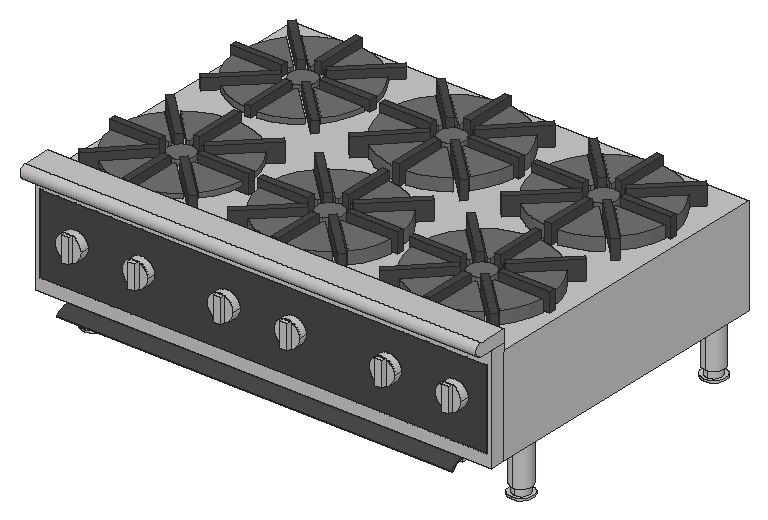
Revit family "QF_Vollrath_40738", category Specialty Equipment, Revit 2016 (continued)
Lines and regions (in)
  symbolic lines
    curve 231: line (5.28598, -16.9486, 36) -> (5.28598, -12.9486, 36)
    curve 232: line (5.28598, -12.9486, 36) -> (4.78598, -12.9486, 36)
    curve 233: line (5.53598, -13.2611, 36) -> (5.53598, -17.0344, 36)
    curve 234: line (5.68242, -17.09506, 36) -> (8.35054, -14.42693, 36)
    curve 235: line (9.35937, -13.77165, 36) -> (5.85919, -17.27183, 36)
    curve 236: arc (5.53598, -17.0344, 36) -> (5.61, -17.06279, 36) -> (5.68242, -17.09506, 36) r 1.49999
    curve 237: line (5.85919, -17.27183, 36) -> (6.21275, -17.62539, 36)
    curve 238: line (6.21275, -17.62539, 36) -> (9.71293, -14.12521, 36)
    curve 239: line (9.71293, -14.12521, 36) -> (9.35937, -13.77165, 36)
    curve 240: line (9.05765, -15.13404, 36) -> (6.38952, -17.80216, 36)
    curve 241: line (6.45018, -17.9486, 36) -> (10.22348, -17.9486, 36)
    curve 242: line (10.53598, -18.1986, 36) -> (6.53598, -18.1986, 36)
    curve 243: line (10.53598, -18.6986, 36) -> (10.53598, -18.1986, 36)
    curve 244: line (6.53598, -18.6986, 36) -> (10.53598, -18.6986, 36)
    curve 245: line (6.53598, -18.1986, 36) -> (6.53598, -18.6986, 36)
    curve 246: arc (6.38952, -17.80216, 36) -> (6.42179, -17.87458, 36) -> (6.45018, -17.9486, 36) r 1.49999
    curve 247: line (10.22348, -18.9486, 36) -> (6.45018, -18.9486, 36)
    curve 248: line (6.38952, -19.09504, 36) -> (9.05765, -21.76316, 36)
    curve 249: line (4.53598, -23.6361, 36) -> (4.53598, -19.8628, 36)
    curve 250: line (4.38954, -19.80214, 36) -> (1.72142, -22.47027, 36)
    curve 251: line (4.21277, -19.62537, 36) -> (3.85921, -19.27181, 36)
    curve 252: arc (4.53598, -19.8628, 36) -> (4.46196, -19.83441, 36) -> (4.38954, -19.80214, 36) r 1.49999
    curve 253: line (5.28598, -19.9486, 36) -> (4.78598, -19.9486, 36)
    curve 254: line (4.78598, -19.9486, 36) -> (4.78598, -23.9486, 36)
    curve 255: line (5.28598, -23.9486, 36) -> (5.28598, -19.9486, 36)
    curve 256: line (5.53598, -19.8628, 36) -> (5.53598, -23.6361, 36)
    curve 257: line (8.35054, -22.47027, 36) -> (5.68242, -19.80214, 36)
    curve 258: arc (5.68242, -19.80214, 36) -> (5.61, -19.83441, 36) -> (5.53598, -19.8628, 36) r 1.49999
    curve 259: line (6.21275, -19.27181, 36) -> (5.85919, -19.62537, 36)
    curve 260: line (5.85919, -19.62537, 36) -> (9.35937, -23.12555, 36)
    curve 261: line (9.71293, -22.77199, 36) -> (6.21275, -19.27181, 36)
    curve 262: line (9.35937, -23.12555, 36) -> (9.71293, -22.77199, 36)
    curve 263: line (4.78598, -23.9486, 36) -> (5.28598, -23.9486, 36)
    curve 264: line (0.35904, -22.77199, 36) -> (0.71259, -23.12555, 36)
    curve 265: arc (6.45018, -18.9486, 36) -> (6.42179, -19.02262, 36) -> (6.38952, -19.09504, 36) r 1.49999
    curve 266: arc (3.68244, -19.09504, 36) -> (3.65017, -19.02262, 36) -> (3.62178, -18.9486, 36) r 1.49999
    curve 267: arc (-7.46402, -13.2611, 36) -> (-8.95839, -13.63376, 36) -> (-10.27858, -14.42693, 36) r 5.21154
    curve 268: arc (-3.64946, -14.42693, 36) -> (-4.96965, -13.63376, 36) -> (-6.46402, -13.2611, 36) r 5.21154
    curve 269: arc (-1.77652, -17.9486, 36) -> (-2.14918, -16.45423, 36) -> (-2.94235, -15.13404, 36) r 5.21154
    curve 270: arc (-2.94235, -21.76316, 36) -> (-2.14918, -20.44297, 36) -> (-1.77652, -18.9486, 36) r 5.21154
    curve 271: arc (-6.46402, -23.6361, 36) -> (-4.96965, -23.26344, 36) -> (-3.64946, -22.47027, 36) r 5.21154
    curve 272: arc (-10.27858, -22.47027, 36) -> (-8.95839, -23.26344, 36) -> (-7.46402, -23.6361, 36) r 5.21154
    curve 273: arc (-12.15152, -18.9486, 36) -> (-11.77885, -20.44297, 36) -> (-10.98569, -21.76316, 36) r 5.21154
    curve 274: arc (-10.98569, -15.13404, 36) -> (-11.77885, -16.45423, 36) -> (-12.15152, -17.9486, 36) r 5.21154
    curve 275: line (-11.64096, -14.12521, 36) -> (-8.14079, -17.62539, 36)
    curve 276: line (-7.78723, -17.27183, 36) -> (-11.28741, -13.77165, 36)
    curve 277: line (-7.46402, -17.0344, 36) -> (-7.46402, -13.2611, 36)
    curve 278: line (-10.27858, -14.42693, 36) -> (-7.61046, -17.09506, 36)
    curve 279: line (-12.15152, -17.9486, 36) -> (-8.37822, -17.9486, 36)
    curve 280: line (-8.31756, -17.80216, 36) -> (-10.98569, -15.13404, 36)
    curve 281: line (-8.37822, -18.9486, 36) -> (-12.15152, -18.9486, 36)
    curve 282: line (-8.46402, -18.1986, 36) -> (-12.46402, -18.1986, 36)
    curve 283: line (-12.46402, -18.6986, 36) -> (-8.46402, -18.6986, 36)
    curve 284: arc (-6.96402, -17.4486, 36) -> (-7.96402, -18.4486, 36) -> (-6.96402, -19.4486, 36) r 1
    curve 285: arc (-6.96402, -19.4486, 36) -> (-5.96402, -18.4486, 36) -> (-6.96402, -17.4486, 36) r 1
    curve 286: line (-8.14079, -19.27181, 36) -> (-11.64096, -22.77199, 36)
    curve 287: line (-11.28741, -23.12555, 36) -> (-7.78723, -19.62537, 36)
    curve 288: line (-10.98569, -21.76316, 36) -> (-8.31756, -19.09504, 36)
    curve 289: line (-8.46402, -18.6986, 36) -> (-8.46402, -18.1986, 36)
    curve 290: line (-12.46402, -18.1986, 36) -> (-12.46402, -18.6986, 36)
    curve 291: arc (-8.37822, -17.9486, 36) -> (-8.34983, -17.87458, 36) -> (-8.31756, -17.80216, 36) r 1.49999
    curve 292: line (-8.14079, -17.62539, 36) -> (-7.78723, -17.27183, 36)
    curve 293: arc (-7.61046, -17.09506, 36) -> (-7.53804, -17.06279, 36) -> (-7.46402, -17.0344, 36) r 1.49999
    curve 294: line (-7.21402, -16.9486, 36) -> (-6.71402, -16.9486, 36)
    curve 295: line (-7.21402, -12.9486, 36) -> (-7.21402, -16.9486, 36)
    curve 296: line (-6.71402, -16.9486, 36) -> (-6.71402, -12.9486, 36)
    curve 297: line (-6.71402, -12.9486, 36) -> (-7.21402, -12.9486, 36)
    curve 298: line (-6.46402, -13.2611, 36) -> (-6.46402, -17.0344, 36)
    curve 299: line (-6.31758, -17.09506, 36) -> (-3.64946, -14.42693, 36)
    curve 300: line (-2.64063, -13.77165, 36) -> (-6.14081, -17.27183, 36)
    curve 301: arc (-6.46402, -17.0344, 36) -> (-6.39, -17.06279, 36) -> (-6.31758, -17.09506, 36) r 1.49999
    curve 302: line (-6.14081, -17.27183, 36) -> (-5.78725, -17.62539, 36)
    curve 303: line (-5.78725, -17.62539, 36) -> (-2.28707, -14.12521, 36)
    curve 304: line (-2.28707, -14.12521, 36) -> (-2.64063, -13.77165, 36)
    curve 305: line (-2.94235, -15.13404, 36) -> (-5.61048, -17.80216, 36)
    curve 306: line (-5.54982, -17.9486, 36) -> (-1.77652, -17.9486, 36)
    curve 307: line (-1.46402, -18.1986, 36) -> (-5.46402, -18.1986, 36)
    curve 308: line (-1.46402, -18.6986, 36) -> (-1.46402, -18.1986, 36)
    curve 309: line (-5.46402, -18.6986, 36) -> (-1.46402, -18.6986, 36)
    curve 310: line (-5.46402, -18.1986, 36) -> (-5.46402, -18.6986, 36)
    curve 311: arc (-5.61048, -17.80216, 36) -> (-5.57821, -17.87458, 36) -> (-5.54982, -17.9486, 36) r 1.49999
    curve 312: line (-1.77652, -18.9486, 36) -> (-5.54982, -18.9486, 36)
    curve 313: line (-5.61048, -19.09504, 36) -> (-2.94235, -21.76316, 36)
    curve 314: line (-7.46402, -23.6361, 36) -> (-7.46402, -19.8628, 36)
    curve 315: line (-7.61046, -19.80214, 36) -> (-10.27858, -22.47027, 36)
    curve 316: line (-7.78723, -19.62537, 36) -> (-8.14079, -19.27181, 36)
    curve 317: arc (-7.46402, -19.8628, 36) -> (-7.53804, -19.83441, 36) -> (-7.61046, -19.80214, 36) r 1.49999
    curve 318: line (-6.71402, -19.9486, 36) -> (-7.21402, -19.9486, 36)
    curve 319: line (-7.21402, -19.9486, 36) -> (-7.21402, -23.9486, 36)
    curve 320: line (-6.71402, -23.9486, 36) -> (-6.71402, -19.9486, 36)
    curve 321: line (-6.46402, -19.8628, 36) -> (-6.46402, -23.6361, 36)
    curve 322: line (-3.64946, -22.47027, 36) -> (-6.31758, -19.80214, 36)
    curve 323: arc (-6.31758, -19.80214, 36) -> (-6.39, -19.83441, 36) -> (-6.46402, -19.8628, 36) r 1.49999
    curve 324: line (-5.78725, -19.27181, 36) -> (-6.14081, -19.62537, 36)
    curve 325: line (-6.14081, -19.62537, 36) -> (-2.64063, -23.12555, 36)
    curve 326: line (-2.28707, -22.77199, 36) -> (-5.78725, -19.27181, 36)
    curve 327: line (-2.64063, -23.12555, 36) -> (-2.28707, -22.77199, 36)
    curve 328: line (-7.21402, -23.9486, 36) -> (-6.71402, -23.9486, 36)
    curve 329: line (-11.64096, -22.77199, 36) -> (-11.28741, -23.12555, 36)
    curve 330: arc (-5.54982, -18.9486, 36) -> (-5.57821, -19.02262, 36) -> (-5.61048, -19.09504, 36) r 1.49999
    curve 331: arc (-8.31756, -19.09504, 36) -> (-8.34983, -19.02262, 36) -> (-8.37822, -18.9486, 36) r 1.49999
    curve 332: arc (-19.21402, -13.2611, 36) -> (-20.70839, -13.63376, 36) -> (-22.02858, -14.42693, 36) r 5.21154
    curve 333: arc (-15.39946, -14.42693, 36) -> (-16.71965, -13.63376, 36) -> (-18.21402, -13.2611, 36) r 5.21154
    curve 334: arc (-13.52652, -17.9486, 36) -> (-13.89918, -16.45423, 36) -> (-14.69235, -15.13404, 36) r 5.21154
    curve 335: arc (-14.69235, -21.76316, 36) -> (-13.89918, -20.44297, 36) -> (-13.52652, -18.9486, 36) r 5.21154
    curve 336: arc (-18.21402, -23.6361, 36) -> (-16.71965, -23.26344, 36) -> (-15.39946, -22.47027, 36) r 5.21154
    curve 337: arc (-22.02858, -22.47027, 36) -> (-20.70839, -23.26344, 36) -> (-19.21402, -23.6361, 36) r 5.21154
    curve 338: arc (-23.90152, -18.9486, 36) -> (-23.52885, -20.44297, 36) -> (-22.73569, -21.76316, 36) r 5.21154
    curve 339: arc (-22.73569, -15.13404, 36) -> (-23.52885, -16.45423, 36) -> (-23.90152, -17.9486, 36) r 5.21154
    curve 340: line (-23.39096, -14.12521, 36) -> (-19.89079, -17.62539, 36)
    curve 341: line (-19.53723, -17.27183, 36) -> (-23.03741, -13.77165, 36)
    curve 342: line (-19.21402, -17.0344, 36) -> (-19.21402, -13.2611, 36)
    curve 343: line (-22.02858, -14.42693, 36) -> (-19.36046, -17.09506, 36)
    curve 344: line (-23.90152, -17.9486, 36) -> (-20.12822, -17.9486, 36)
    curve 345: line (-20.06756, -17.80216, 36) -> (-22.73569, -15.13404, 36)
    curve 346: line (-20.12822, -18.9486, 36) -> (-23.90152, -18.9486, 36)
    curve 347: line (-20.21402, -18.1986, 36) -> (-24.21402, -18.1986, 36)
    curve 348: line (-24.21402, -18.6986, 36) -> (-20.21402, -18.6986, 36)
    curve 349: arc (-18.71402, -17.4486, 36) -> (-19.71402, -18.4486, 36) -> (-18.71402, -19.4486, 36) r 1
    curve 350: arc (-18.71402, -19.4486, 36) -> (-17.71402, -18.4486, 36) -> (-18.71402, -17.4486, 36) r 1
    curve 351: line (-19.89079, -19.27181, 36) -> (-23.39096, -22.77199, 36)
    curve 352: line (-23.03741, -23.12555, 36) -> (-19.53723, -19.62537, 36)
    curve 353: line (-22.73569, -21.76316, 36) -> (-20.06756, -19.09504, 36)
    curve 354: line (-20.21402, -18.6986, 36) -> (-20.21402, -18.1986, 36)
    curve 355: line (-24.21402, -18.1986, 36) -> (-24.21402, -18.6986, 36)
    curve 356: arc (-20.12822, -17.9486, 36) -> (-20.09983, -17.87458, 36) -> (-20.06756, -17.80216, 36) r 1.49999
    curve 357: line (-19.89079, -17.62539, 36) -> (-19.53723, -17.27183, 36)
    curve 358: arc (-19.36046, -17.09506, 36) -> (-19.28804, -17.06279, 36) -> (-19.21402, -17.0344, 36) r 1.49999
    curve 359: line (-18.96402, -16.9486, 36) -> (-18.46402, -16.9486, 36)
    curve 360: line (-18.96402, -12.9486, 36) -> (-18.96402, -16.9486, 36)
    curve 361: line (-18.46402, -16.9486, 36) -> (-18.46402, -12.9486, 36)
    curve 362: line (-18.46402, -12.9486, 36) -> (-18.96402, -12.9486, 36)
    curve 363: line (-18.21402, -13.2611, 36) -> (-18.21402, -17.0344, 36)
    curve 364: line (-18.06758, -17.09506, 36) -> (-15.39946, -14.42693, 36)
    curve 365: line (-14.39063, -13.77165, 36) -> (-17.89081, -17.27183, 36)
    curve 366: arc (-18.21402, -17.0344, 36) -> (-18.14, -17.06279, 36) -> (-18.06758, -17.09506, 36) r 1.49999
    curve 367: line (-17.89081, -17.27183, 36) -> (-17.53725, -17.62539, 36)
    curve 368: line (-17.53725, -17.62539, 36) -> (-14.03707, -14.12521, 36)
    curve 369: line (-14.03707, -14.12521, 36) -> (-14.39063, -13.77165, 36)
    curve 370: line (-14.69235, -15.13404, 36) -> (-17.36048, -17.80216, 36)
    curve 371: line (-17.29982, -17.9486, 36) -> (-13.52652, -17.9486, 36)
    curve 372: line (-13.21402, -18.1986, 36) -> (-17.21402, -18.1986, 36)
    curve 373: line (-13.21402, -18.6986, 36) -> (-13.21402, -18.1986, 36)
    curve 374: line (-17.21402, -18.6986, 36) -> (-13.21402, -18.6986, 36)
    curve 375: line (-17.21402, -18.1986, 36) -> (-17.21402, -18.6986, 36)
    curve 376: arc (-17.36048, -17.80216, 36) -> (-17.32821, -17.87458, 36) -> (-17.29982, -17.9486, 36) r 1.49999
    curve 377: line (-13.52652, -18.9486, 36) -> (-17.29982, -18.9486, 36)
    curve 378: line (-17.36048, -19.09504, 36) -> (-14.69235, -21.76316, 36)
    curve 379: line (-19.21402, -23.6361, 36) -> (-19.21402, -19.8628, 36)
    curve 380: line (-19.36046, -19.80214, 36) -> (-22.02858, -22.47027, 36)
    curve 381: line (-19.53723, -19.62537, 36) -> (-19.89079, -19.27181, 36)
    curve 382: arc (-19.21402, -19.8628, 36) -> (-19.28804, -19.83441, 36) -> (-19.36046, -19.80214, 36) r 1.49999
    curve 383: line (-18.46402, -19.9486, 36) -> (-18.96402, -19.9486, 36)
    curve 384: line (-18.96402, -19.9486, 36) -> (-18.96402, -23.9486, 36)
    curve 385: line (-18.46402, -23.9486, 36) -> (-18.46402, -19.9486, 36)
    curve 386: line (-18.21402, -19.8628, 36) -> (-18.21402, -23.6361, 36)
    curve 387: line (-15.39946, -22.47027, 36) -> (-18.06758, -19.80214, 36)
    curve 388: arc (-18.06758, -19.80214, 36) -> (-18.14, -19.83441, 36) -> (-18.21402, -19.8628, 36) r 1.49999
    curve 389: line (-17.53725, -19.27181, 36) -> (-17.89081, -19.62537, 36)
    curve 390: line (-17.89081, -19.62537, 36) -> (-14.39063, -23.12555, 36)
    curve 391: line (-14.03707, -22.77199, 36) -> (-17.53725, -19.27181, 36)
    curve 392: line (-14.39063, -23.12555, 36) -> (-14.03707, -22.77199, 36)
    curve 393: line (-18.96402, -23.9486, 36) -> (-18.46402, -23.9486, 36)
    curve 394: line (-23.39096, -22.77199, 36) -> (-23.03741, -23.12555, 36)
    curve 395: arc (-17.29982, -18.9486, 36) -> (-17.32821, -19.02262, 36) -> (-17.36048, -19.09504, 36) r 1.49999
    curve 396: arc (-20.06756, -19.09504, 36) -> (-20.09983, -19.02262, 36) -> (-20.12822, -18.9486, 36) r 1.49999
    curve 397: line (-23.03741, -13.77165, 36) -> (-23.39096, -14.12521, 36)
    curve 398: line (-11.28741, -13.77165, 36) -> (-11.64096, -14.12521, 36)
    curve 399: line (0.71259, -13.77165, 36) -> (0.35904, -14.12521, 36)
    curve 400: line (0.71259, -1.77165, 36) -> (0.35904, -2.12521, 36)
    curve 401: line (-11.28741, -1.77165, 36) -> (-11.64096, -2.12521, 36)
    curve 402: line (-24.72076, -25.04599, 36) -> (11.27924, -25.04599, 36)
    curve 403: line (-24.72076, -27, 36) -> (-24.72076, -25.04599, 36)
    curve 404: line (11.27924, -27, 36) -> (-24.72076, -27, 36)
    curve 405: line (11.27924, -25.04599, 36) -> (11.27924, -27, 36)
    curve 406: line (-24.72076, -25.04599, 36) -> (-24.72076, 0, 36)
    curve 407: line (-24.72076, 0, 36) -> (11.27924, 0, 36)
    curve 408: line (11.27924, 0, 36) -> (11.27924, -25.04599, 36)
Dimensions and locks (in)
  "Height AFF": plane 2 "BOTTOM" to level
  plane 4 "LEFT CLEARANCE" to plane 9 "LEFT" = 0' - 6"
  locked: plane 10 "RIGHT" to plane 5 "RIGHT CLEARANCE" at 6
  plane 6 "BACK CLEARANCE" to plane 11 "BACK" = 0' - 6"
  "Length": plane 11 "BACK" to plane 7 "FRONT"
  "Width": plane 9 "LEFT" to plane 10 "RIGHT"
  locked: Extrusion 28 sketch curve to plane 8 "Top of Legs" at 1.5
  locked: plane 13 to plane 2 "BOTTOM" at 3.5
  locked: plane 12 to plane 13 at 0.25
  locked: plane 8 "Top of Legs" to plane 12 at 0.25
  locked: plane 69 to plane 8 "Top of Legs" at 3.59949
  locked: plane 69 to plane 65 at 4.26866
  locked: plane 66 to plane 65 at 0.63186
  locked: plane 67 to plane 66 at 0.375
  locked: plane 3 "TOP" to plane 67 at 0.5
  aligned and locked: level to plane 1
  aligned and locked: Extrusion 19 to Extrusion 17
  aligned and locked: Extrusion 23 to Extrusion 21
  aligned and locked: Extrusion 27 to Extrusion 25
  aligned and locked: plane 3 "TOP" to Extrusion 16
  aligned and locked: plane 67 to Extrusion 17
  aligned and locked: plane 67 to Extrusion 21
  aligned and locked: plane 3 "TOP" to Extrusion 13
  aligned and locked: plane 3 "TOP" to Extrusion 18
  aligned and locked: plane 67 to Extrusion 19
  aligned and locked: Extrusion 19 to plane 66
  aligned and locked: Extrusion 17 to plane 66
  aligned and locked: Extrusion 18 to plane 66
  aligned and locked: plane 67 to Extrusion 25
  aligned and locked: plane 3 "TOP" to Extrusion 20
  aligned and locked: plane 65 to Extrusion 22
  aligned and locked: Extrusion 25 to plane 65
  aligned and locked: plane 3 "TOP" to Extrusion 26
  aligned and locked: Extrusion 21 to plane 65
  aligned and locked: Extrusion 20 to plane 65
  aligned and locked: Extrusion 16 to plane 65
  aligned and locked: plane 3 "TOP" to Extrusion 24
  aligned and locked: Extrusion 26 to plane 65
  aligned and locked: plane 3 "TOP" to Extrusion 22
  aligned and locked: Extrusion 27 to plane 65
  aligned and locked: Extrusion 23 to plane 65
  aligned and locked: Extrusion 24 to plane 65
  aligned and locked: Extrusion 31 sketch curve to Extrusion 30  (x2)
  aligned and locked: Extrusion 31 to Extrusion 29
  aligned and locked: Extrusion 36 sketch curve to Extrusion 30  (x12)
Automatic sketch dimensions
  Extrusion 1 sketch curve to plane 11 "BACK" = 0' - 2"
  plane 9 "LEFT" to Extrusion 1 sketch curve = 0' - 1 1/8"
  Extrusion 2 sketch curve to plane 11 "BACK" = 0' - 2"
  plane 9 "LEFT" to Extrusion 2 sketch curve = 0' - 1 1/8"
  Extrusion 3 sketch curve to plane 11 "BACK" = 0' - 2"
  plane 9 "LEFT" to Extrusion 3 sketch curve = 0' - 1 1/8"
  Extrusion 4 sketch curve to plane 11 "BACK" = 0' - 2"
  plane 10 "RIGHT" to Extrusion 4 sketch curve = 0' - 1 1/8"
  Extrusion 5 sketch curve to plane 11 "BACK" = 0' - 2"
  plane 10 "RIGHT" to Extrusion 5 sketch curve = 0' - 1 1/8"
  Extrusion 6 sketch curve to plane 11 "BACK" = 0' - 2"
  plane 10 "RIGHT" to Extrusion 6 sketch curve = 0' - 1 1/8"
  plane 10 "RIGHT" to Extrusion 7 sketch curve = 0' - 1 1/8"
  plane 7 "FRONT" to Extrusion 7 sketch curve = 0' - 6"
  plane 10 "RIGHT" to Extrusion 8 sketch curve = 0' - 1 1/8"
  plane 7 "FRONT" to Extrusion 8 sketch curve = 0' - 6"
  plane 10 "RIGHT" to Extrusion 9 sketch curve = 0' - 1 1/8"
  plane 7 "FRONT" to Extrusion 9 sketch curve = 0' - 6"
  plane 9 "LEFT" to Extrusion 10 sketch curve = 0' - 1 1/8"
  plane 7 "FRONT" to Extrusion 10 sketch curve = 0' - 6"
  plane 9 "LEFT" to Extrusion 11 sketch curve = 0' - 1 1/8"
  plane 7 "FRONT" to Extrusion 11 sketch curve = 0' - 6"
  plane 9 "LEFT" to Extrusion 12 sketch curve = 0' - 1 1/8"
  plane 7 "FRONT" to Extrusion 12 sketch curve = 0' - 6"
  curve 6 to curve 7 = 0' - 0"  (x2)
  curve 6 to curve 8 = 0' - 0"  (x2)
  curve 6 to curve 9 = 0' - 0"  (x2)
  curve 6 to curve 10 = 0' - 0"  (x2)
  curve 6 to curve 11 = 0' - 0"  (x2)
  curve 6 to curve 12 = 0' - 0"  (x2)
  curve 6 to curve 13 = 0' - 0"  (x2)
  curve 6 to curve 23 = 0' - 0"  (x2)
  curve 6 to curve 24 = 0' - 0"  (x2)
  curve 6 to curve 30 = 0' - 0"  (x2)
  curve 6 to curve 32 = 0' - 0"  (x2)
  curve 6 to curve 40 = 0' - 0"  (x2)
  curve 6 to curve 50 = 0' - 0"  (x2)
  curve 6 to curve 56 = 0' - 0"  (x2)
  curve 6 to curve 62 = 0' - 0"  (x2)
  curve 6 to curve 69 = 0' - 0"  (x2)
  curve 6 to curve 70 = 0' - 0"  (x2)
  curve 7 to curve 8 = 0' - 0"  (x2)
  curve 7 to curve 9 = 0' - 0"  (x2)
  curve 7 to curve 10 = 0' - 0"  (x2)
  curve 7 to curve 11 = 0' - 0"  (x2)
  curve 7 to curve 12 = 0' - 0"  (x2)
  curve 7 to curve 13 = 0' - 0"  (x2)
  curve 7 to curve 23 = 0' - 0"  (x2)
  curve 7 to curve 24 = 0' - 0"  (x2)
  curve 7 to curve 30 = 0' - 0"  (x2)
  curve 7 to curve 32 = 0' - 0"  (x2)
  curve 7 to curve 40 = 0' - 0"  (x2)
  curve 7 to curve 50 = 0' - 0"  (x2)
  curve 7 to curve 56 = 0' - 0"  (x2)
  curve 7 to curve 62 = 0' - 0"  (x2)
  curve 7 to curve 69 = 0' - 0"  (x2)
  curve 7 to curve 70 = 0' - 0"  (x2)
  curve 8 to curve 9 = 0' - 0"  (x2)
  curve 8 to curve 10 = 0' - 0"  (x2)
  curve 8 to curve 11 = 0' - 0"  (x2)
  curve 8 to curve 12 = 0' - 0"  (x2)
  curve 8 to curve 13 = 0' - 0"  (x2)
  curve 8 to curve 23 = 0' - 0"  (x2)
  curve 8 to curve 24 = 0' - 0"  (x2)
  curve 8 to curve 30 = 0' - 0"  (x2)
  curve 8 to curve 32 = 0' - 0"  (x2)
  curve 8 to curve 40 = 0' - 0"  (x2)
  curve 8 to curve 50 = 0' - 0"  (x2)
  curve 8 to curve 56 = 0' - 0"  (x2)
  curve 8 to curve 62 = 0' - 0"  (x2)
  curve 8 to curve 69 = 0' - 0"  (x2)
  curve 8 to curve 70 = 0' - 0"  (x2)
  curve 9 to curve 10 = 0' - 0"  (x2)
  curve 9 to curve 11 = 0' - 0"  (x2)
  curve 9 to curve 12 = 0' - 0"  (x2)
  curve 9 to curve 13 = 0' - 0"  (x2)
  curve 9 to curve 23 = 0' - 0"  (x2)
  curve 9 to curve 24 = 0' - 0"  (x2)
  curve 9 to curve 30 = 0' - 0"  (x2)
  curve 9 to curve 32 = 0' - 0"  (x2)
  curve 9 to curve 40 = 0' - 0"  (x2)
  curve 9 to curve 50 = 0' - 0"  (x2)
  curve 9 to curve 56 = 0' - 0"  (x2)
  curve 9 to curve 62 = 0' - 0"  (x2)
  curve 9 to curve 69 = 0' - 0"  (x2)
  curve 9 to curve 70 = 0' - 0"  (x2)
  curve 10 to curve 11 = 0' - 0"  (x2)
  curve 10 to curve 12 = 0' - 0"  (x2)
  curve 10 to curve 13 = 0' - 0"  (x2)
  curve 10 to curve 23 = 0' - 0"  (x2)
  curve 10 to curve 24 = 0' - 0"  (x2)
  curve 10 to curve 30 = 0' - 0"  (x2)
  curve 10 to curve 32 = 0' - 0"  (x2)
  curve 10 to curve 40 = 0' - 0"  (x2)
  curve 10 to curve 50 = 0' - 0"  (x2)
  curve 10 to curve 56 = 0' - 0"  (x2)
  curve 10 to curve 62 = 0' - 0"  (x2)
  curve 10 to curve 69 = 0' - 0"  (x2)
  curve 10 to curve 70 = 0' - 0"  (x2)
  curve 11 to curve 12 = 0' - 0"  (x2)
  curve 11 to curve 13 = 0' - 0"  (x2)
  curve 11 to curve 23 = 0' - 0"  (x2)
  curve 11 to curve 24 = 0' - 0"  (x2)
  curve 11 to curve 30 = 0' - 0"  (x2)
  curve 11 to curve 32 = 0' - 0"  (x2)
  curve 11 to curve 40 = 0' - 0"  (x2)
  curve 11 to curve 50 = 0' - 0"  (x2)
  curve 11 to curve 56 = 0' - 0"  (x2)
  curve 11 to curve 62 = 0' - 0"  (x2)
  curve 11 to curve 69 = 0' - 0"  (x2)
  curve 11 to curve 70 = 0' - 0"  (x2)
  curve 12 to curve 13 = 0' - 0"  (x2)
  curve 12 to curve 23 = 0' - 0"  (x2)
  curve 12 to curve 24 = 0' - 0"  (x2)
  curve 12 to curve 30 = 0' - 0"  (x2)
  curve 12 to curve 32 = 0' - 0"  (x2)
  curve 12 to curve 40 = 0' - 0"  (x2)
  curve 12 to curve 50 = 0' - 0"  (x2)
  curve 12 to curve 56 = 0' - 0"  (x2)
  curve 12 to curve 62 = 0' - 0"  (x2)
  curve 12 to curve 69 = 0' - 0"  (x2)
  curve 12 to curve 70 = 0' - 0"  (x2)
  curve 13 to curve 23 = 0' - 0"  (x2)
  curve 13 to curve 24 = 0' - 0"  (x2)
  curve 13 to curve 30 = 0' - 0"  (x2)
  curve 13 to curve 32 = 0' - 0"  (x2)
  curve 13 to curve 40 = 0' - 0"  (x2)
  curve 13 to curve 50 = 0' - 0"  (x2)
  curve 13 to curve 56 = 0' - 0"  (x2)
  curve 13 to curve 62 = 0' - 0"  (x2)
  curve 13 to curve 69 = 0' - 0"  (x2)
  curve 13 to curve 70 = 0' - 0"  (x2)
  curve 23 to curve 24 = 0' - 0"  (x2)
  curve 23 to curve 30 = 0' - 0"  (x2)
  curve 23 to curve 32 = 0' - 0"  (x2)
  curve 23 to curve 40 = 0' - 0"  (x2)
  curve 23 to curve 50 = 0' - 0"  (x2)
  curve 23 to curve 56 = 0' - 0"  (x2)
  curve 23 to curve 62 = 0' - 0"  (x2)
  curve 23 to curve 69 = 0' - 0"  (x2)
  curve 23 to curve 70 = 0' - 0"  (x2)
  curve 24 to curve 30 = 0' - 0"  (x2)
  curve 24 to curve 32 = 0' - 0"  (x2)
  curve 24 to curve 40 = 0' - 0"  (x2)
  curve 24 to curve 50 = 0' - 0"  (x2)
  curve 24 to curve 56 = 0' - 0"  (x2)
  curve 24 to curve 62 = 0' - 0"  (x2)
  curve 24 to curve 69 = 0' - 0"  (x2)
  curve 24 to curve 70 = 0' - 0"  (x2)
  curve 30 to curve 32 = 0' - 0"  (x2)
  curve 30 to curve 40 = 0' - 0"  (x2)
  curve 30 to curve 50 = 0' - 0"  (x2)
  curve 30 to curve 56 = 0' - 0"  (x2)
  curve 30 to curve 62 = 0' - 0"  (x2)
  curve 30 to curve 69 = 0' - 0"  (x2)
  curve 30 to curve 70 = 0' - 0"  (x2)
  curve 32 to curve 40 = 0' - 0"  (x2)
  curve 32 to curve 50 = 0' - 0"  (x2)
  curve 32 to curve 56 = 0' - 0"  (x2)
  curve 32 to curve 62 = 0' - 0"  (x2)
  curve 32 to curve 69 = 0' - 0"  (x2)
  curve 32 to curve 70 = 0' - 0"  (x2)
  curve 40 to curve 50 = 0' - 0"  (x2)
  curve 40 to curve 56 = 0' - 0"  (x2)
  curve 40 to curve 62 = 0' - 0"  (x2)
  curve 40 to curve 69 = 0' - 0"  (x2)
  curve 40 to curve 70 = 0' - 0"  (x2)
  curve 50 to curve 56 = 0' - 0"  (x2)
  curve 50 to curve 62 = 0' - 0"  (x2)
  curve 50 to curve 69 = 0' - 0"  (x2)
  curve 50 to curve 70 = 0' - 0"  (x2)
  curve 56 to curve 62 = 0' - 0"  (x2)
  curve 56 to curve 69 = 0' - 0"  (x2)
  curve 56 to curve 70 = 0' - 0"  (x2)
  curve 62 to curve 69 = 0' - 0"  (x2)
  curve 62 to curve 70 = 0' - 0"  (x2)
  curve 69 to curve 70 = 0' - 0"  (x2)
  curve 72 to curve 73 = 0' - 0"  (x2)
  curve 72 to curve 74 = 0' - 0"  (x2)
  curve 72 to curve 75 = 0' - 0"  (x2)
  curve 72 to curve 76 = 0' - 0"  (x2)
  curve 72 to curve 77 = 0' - 0"  (x2)
  curve 72 to curve 78 = 0' - 0"  (x2)
  curve 72 to curve 79 = 0' - 0"  (x2)
  curve 72 to curve 89 = 0' - 0"  (x2)
  curve 72 to curve 90 = 0' - 0"  (x2)
  curve 72 to curve 96 = 0' - 0"  (x2)
  curve 72 to curve 98 = 0' - 0"  (x2)
  curve 72 to curve 106 = 0' - 0"  (x2)
  curve 72 to curve 116 = 0' - 0"  (x2)
  curve 72 to curve 122 = 0' - 0"  (x2)
  curve 72 to curve 128 = 0' - 0"  (x2)
  curve 72 to curve 135 = 0' - 0"  (x2)
  curve 72 to curve 136 = 0' - 0"  (x2)
  curve 73 to curve 74 = 0' - 0"  (x2)
  curve 73 to curve 75 = 0' - 0"  (x2)
  curve 73 to curve 76 = 0' - 0"  (x2)
  curve 73 to curve 77 = 0' - 0"  (x2)
  curve 73 to curve 78 = 0' - 0"  (x2)
  curve 73 to curve 79 = 0' - 0"  (x2)
  curve 73 to curve 89 = 0' - 0"  (x2)
  curve 73 to curve 90 = 0' - 0"  (x2)
  curve 73 to curve 96 = 0' - 0"  (x2)
  curve 73 to curve 98 = 0' - 0"  (x2)
  curve 73 to curve 106 = 0' - 0"  (x2)
  curve 73 to curve 116 = 0' - 0"  (x2)
  curve 73 to curve 122 = 0' - 0"  (x2)
  curve 73 to curve 128 = 0' - 0"  (x2)
  curve 73 to curve 135 = 0' - 0"  (x2)
  curve 73 to curve 136 = 0' - 0"  (x2)
  curve 74 to curve 75 = 0' - 0"  (x2)
  curve 74 to curve 76 = 0' - 0"  (x2)
  curve 74 to curve 77 = 0' - 0"  (x2)
  curve 74 to curve 78 = 0' - 0"  (x2)
  curve 74 to curve 79 = 0' - 0"  (x2)
  curve 74 to curve 89 = 0' - 0"  (x2)
  curve 74 to curve 90 = 0' - 0"  (x2)
  curve 74 to curve 96 = 0' - 0"  (x2)
  curve 74 to curve 98 = 0' - 0"  (x2)
  curve 74 to curve 106 = 0' - 0"  (x2)
  curve 74 to curve 116 = 0' - 0"  (x2)
  curve 74 to curve 122 = 0' - 0"  (x2)
  curve 74 to curve 128 = 0' - 0"  (x2)
  curve 74 to curve 135 = 0' - 0"  (x2)
  curve 74 to curve 136 = 0' - 0"  (x2)
  curve 75 to curve 76 = 0' - 0"  (x2)
  curve 75 to curve 77 = 0' - 0"  (x2)
  curve 75 to curve 78 = 0' - 0"  (x2)
  curve 75 to curve 79 = 0' - 0"  (x2)
  curve 75 to curve 89 = 0' - 0"  (x2)
  curve 75 to curve 90 = 0' - 0"  (x2)
  curve 75 to curve 96 = 0' - 0"  (x2)
  curve 75 to curve 98 = 0' - 0"  (x2)
  curve 75 to curve 106 = 0' - 0"  (x2)
  curve 75 to curve 116 = 0' - 0"  (x2)
  curve 75 to curve 122 = 0' - 0"  (x2)
  curve 75 to curve 128 = 0' - 0"  (x2)
  curve 75 to curve 135 = 0' - 0"  (x2)
  curve 75 to curve 136 = 0' - 0"  (x2)
  curve 76 to curve 77 = 0' - 0"  (x2)
  curve 76 to curve 78 = 0' - 0"  (x2)
  curve 76 to curve 79 = 0' - 0"  (x2)
  curve 76 to curve 89 = 0' - 0"  (x2)
  curve 76 to curve 90 = 0' - 0"  (x2)
  curve 76 to curve 96 = 0' - 0"  (x2)
  curve 76 to curve 98 = 0' - 0"  (x2)
  curve 76 to curve 106 = 0' - 0"  (x2)
  curve 76 to curve 116 = 0' - 0"  (x2)
  curve 76 to curve 122 = 0' - 0"  (x2)
  curve 76 to curve 128 = 0' - 0"  (x2)
  curve 76 to curve 135 = 0' - 0"  (x2)
  curve 76 to curve 136 = 0' - 0"  (x2)
  curve 77 to curve 78 = 0' - 0"  (x2)
  curve 77 to curve 79 = 0' - 0"  (x2)
  curve 77 to curve 89 = 0' - 0"  (x2)
  curve 77 to curve 90 = 0' - 0"  (x2)
  curve 77 to curve 96 = 0' - 0"  (x2)
  curve 77 to curve 98 = 0' - 0"  (x2)
  curve 77 to curve 106 = 0' - 0"  (x2)
  curve 77 to curve 116 = 0' - 0"  (x2)
  curve 77 to curve 122 = 0' - 0"  (x2)
  curve 77 to curve 128 = 0' - 0"  (x2)
  curve 77 to curve 135 = 0' - 0"  (x2)
  curve 77 to curve 136 = 0' - 0"  (x2)
  curve 78 to curve 79 = 0' - 0"  (x2)
  curve 78 to curve 89 = 0' - 0"  (x2)
  curve 78 to curve 90 = 0' - 0"  (x2)
  curve 78 to curve 96 = 0' - 0"  (x2)
  curve 78 to curve 98 = 0' - 0"  (x2)
  curve 78 to curve 106 = 0' - 0"  (x2)
  curve 78 to curve 116 = 0' - 0"  (x2)
  curve 78 to curve 122 = 0' - 0"  (x2)
  curve 78 to curve 128 = 0' - 0"  (x2)
  curve 78 to curve 135 = 0' - 0"  (x2)
  curve 78 to curve 136 = 0' - 0"  (x2)
  curve 79 to curve 89 = 0' - 0"  (x2)
  curve 79 to curve 90 = 0' - 0"  (x2)
  curve 79 to curve 96 = 0' - 0"  (x2)
  curve 79 to curve 98 = 0' - 0"  (x2)
  curve 79 to curve 106 = 0' - 0"  (x2)
  curve 79 to curve 116 = 0' - 0"  (x2)
  curve 79 to curve 122 = 0' - 0"  (x2)
  curve 79 to curve 128 = 0' - 0"  (x2)
  curve 79 to curve 135 = 0' - 0"  (x2)
  curve 79 to curve 136 = 0' - 0"  (x2)
  curve 89 to curve 90 = 0' - 0"  (x2)
  curve 89 to curve 96 = 0' - 0"  (x2)
  curve 89 to curve 98 = 0' - 0"  (x2)
  curve 89 to curve 106 = 0' - 0"  (x2)
  curve 89 to curve 116 = 0' - 0"  (x2)
  curve 89 to curve 122 = 0' - 0"  (x2)
  curve 89 to curve 128 = 0' - 0"  (x2)
  curve 89 to curve 135 = 0' - 0"  (x2)
  curve 89 to curve 136 = 0' - 0"  (x2)
  curve 90 to curve 96 = 0' - 0"  (x2)
  curve 90 to curve 98 = 0' - 0"  (x2)
  curve 90 to curve 106 = 0' - 0"  (x2)
  curve 90 to curve 116 = 0' - 0"  (x2)
  curve 90 to curve 122 = 0' - 0"  (x2)
  curve 90 to curve 128 = 0' - 0"  (x2)
  curve 90 to curve 135 = 0' - 0"  (x2)
  curve 90 to curve 136 = 0' - 0"  (x2)
  curve 96 to curve 98 = 0' - 0"  (x2)
  curve 96 to curve 106 = 0' - 0"  (x2)
  curve 96 to curve 116 = 0' - 0"  (x2)
  curve 96 to curve 122 = 0' - 0"  (x2)
  curve 96 to curve 128 = 0' - 0"  (x2)
  curve 96 to curve 135 = 0' - 0"  (x2)
  curve 96 to curve 136 = 0' - 0"  (x2)
  curve 98 to curve 106 = 0' - 0"  (x2)
  curve 98 to curve 116 = 0' - 0"  (x2)
  curve 98 to curve 122 = 0' - 0"  (x2)
  curve 98 to curve 128 = 0' - 0"  (x2)
  curve 98 to curve 135 = 0' - 0"  (x2)
  curve 98 to curve 136 = 0' - 0"  (x2)
  curve 106 to curve 116 = 0' - 0"  (x2)
  curve 106 to curve 122 = 0' - 0"  (x2)
  curve 106 to curve 128 = 0' - 0"  (x2)
  curve 106 to curve 135 = 0' - 0"  (x2)
  curve 106 to curve 136 = 0' - 0"  (x2)
  curve 116 to curve 122 = 0' - 0"  (x2)
  curve 116 to curve 128 = 0' - 0"  (x2)
  curve 116 to curve 135 = 0' - 0"  (x2)
  curve 116 to curve 136 = 0' - 0"  (x2)
  curve 122 to curve 128 = 0' - 0"  (x2)
  curve 122 to curve 135 = 0' - 0"  (x2)
  curve 122 to curve 136 = 0' - 0"  (x2)
  curve 128 to curve 135 = 0' - 0"  (x2)
  curve 128 to curve 136 = 0' - 0"  (x2)
  curve 135 to curve 136 = 0' - 0"  (x2)
  curve 137 to curve 138 = 0' - 0"  (x2)
  curve 137 to curve 139 = 0' - 0"  (x2)
  curve 137 to curve 140 = 0' - 0"  (x2)
  curve 137 to curve 141 = 0' - 0"  (x2)
  curve 137 to curve 142 = 0' - 0"  (x2)
  curve 137 to curve 143 = 0' - 0"  (x2)
  curve 137 to curve 144 = 0' - 0"  (x2)
  curve 137 to curve 154 = 0' - 0"  (x2)
  curve 137 to curve 155 = 0' - 0"  (x2)
  curve 137 to curve 161 = 0' - 0"  (x2)
  curve 137 to curve 163 = 0' - 0"  (x2)
  curve 137 to curve 171 = 0' - 0"  (x2)
  curve 137 to curve 181 = 0' - 0"  (x2)
  curve 137 to curve 187 = 0' - 0"  (x2)
  curve 137 to curve 193 = 0' - 0"  (x2)
  curve 137 to curve 200 = 0' - 0"  (x2)
  curve 137 to curve 201 = 0' - 0"  (x2)
  curve 138 to curve 139 = 0' - 0"  (x2)
  curve 138 to curve 140 = 0' - 0"  (x2)
  curve 138 to curve 141 = 0' - 0"  (x2)
  curve 138 to curve 142 = 0' - 0"  (x2)
  curve 138 to curve 143 = 0' - 0"  (x2)
  curve 138 to curve 144 = 0' - 0"  (x2)
  curve 138 to curve 154 = 0' - 0"  (x2)
  curve 138 to curve 155 = 0' - 0"  (x2)
  curve 138 to curve 161 = 0' - 0"  (x2)
  curve 138 to curve 163 = 0' - 0"  (x2)
  curve 138 to curve 171 = 0' - 0"  (x2)
  curve 138 to curve 181 = 0' - 0"  (x2)
  curve 138 to curve 187 = 0' - 0"  (x2)
  curve 138 to curve 193 = 0' - 0"  (x2)
  curve 138 to curve 200 = 0' - 0"  (x2)
  curve 138 to curve 201 = 0' - 0"  (x2)
  curve 139 to curve 140 = 0' - 0"  (x2)
  curve 139 to curve 141 = 0' - 0"  (x2)
  curve 139 to curve 142 = 0' - 0"  (x2)
  curve 139 to curve 143 = 0' - 0"  (x2)
  curve 139 to curve 144 = 0' - 0"  (x2)
  curve 139 to curve 154 = 0' - 0"  (x2)
  curve 139 to curve 155 = 0' - 0"  (x2)
  curve 139 to curve 161 = 0' - 0"  (x2)
  curve 139 to curve 163 = 0' - 0"  (x2)
  curve 139 to curve 171 = 0' - 0"  (x2)
  curve 139 to curve 181 = 0' - 0"  (x2)
  curve 139 to curve 187 = 0' - 0"  (x2)
  curve 139 to curve 193 = 0' - 0"  (x2)
  curve 139 to curve 200 = 0' - 0"  (x2)
  curve 139 to curve 201 = 0' - 0"  (x2)
  curve 140 to curve 141 = 0' - 0"  (x2)
  curve 140 to curve 142 = 0' - 0"  (x2)
  curve 140 to curve 143 = 0' - 0"  (x2)
  curve 140 to curve 144 = 0' - 0"  (x2)
  curve 140 to curve 154 = 0' - 0"  (x2)
  curve 140 to curve 155 = 0' - 0"  (x2)
  curve 140 to curve 161 = 0' - 0"  (x2)
  curve 140 to curve 163 = 0' - 0"  (x2)
  curve 140 to curve 171 = 0' - 0"  (x2)
  curve 140 to curve 181 = 0' - 0"  (x2)
  curve 140 to curve 187 = 0' - 0"  (x2)
  curve 140 to curve 193 = 0' - 0"  (x2)
  curve 140 to curve 200 = 0' - 0"  (x2)
  curve 140 to curve 201 = 0' - 0"  (x2)
  curve 141 to curve 142 = 0' - 0"  (x2)
  curve 141 to curve 143 = 0' - 0"  (x2)
  curve 141 to curve 144 = 0' - 0"  (x2)
  curve 141 to curve 154 = 0' - 0"  (x2)
  curve 141 to curve 155 = 0' - 0"  (x2)
  curve 141 to curve 161 = 0' - 0"  (x2)
  curve 141 to curve 163 = 0' - 0"  (x2)
  curve 141 to curve 171 = 0' - 0"  (x2)
  curve 141 to curve 181 = 0' - 0"  (x2)
  curve 141 to curve 187 = 0' - 0"  (x2)
  curve 141 to curve 193 = 0' - 0"  (x2)
  curve 141 to curve 200 = 0' - 0"  (x2)
  curve 141 to curve 201 = 0' - 0"  (x2)
  curve 142 to curve 143 = 0' - 0"  (x2)
  curve 142 to curve 144 = 0' - 0"  (x2)
  curve 142 to curve 154 = 0' - 0"  (x2)
  curve 142 to curve 155 = 0' - 0"  (x2)
  curve 142 to curve 161 = 0' - 0"  (x2)
  curve 142 to curve 163 = 0' - 0"  (x2)
  curve 142 to curve 171 = 0' - 0"  (x2)
  curve 142 to curve 181 = 0' - 0"  (x2)
  curve 142 to curve 187 = 0' - 0"  (x2)
  curve 142 to curve 193 = 0' - 0"  (x2)
  curve 142 to curve 200 = 0' - 0"  (x2)
  curve 142 to curve 201 = 0' - 0"  (x2)
  curve 143 to curve 144 = 0' - 0"  (x2)
  curve 143 to curve 154 = 0' - 0"  (x2)
  curve 143 to curve 155 = 0' - 0"  (x2)
  curve 143 to curve 161 = 0' - 0"  (x2)
  curve 143 to curve 163 = 0' - 0"  (x2)
  curve 143 to curve 171 = 0' - 0"  (x2)
  curve 143 to curve 181 = 0' - 0"  (x2)
  curve 143 to curve 187 = 0' - 0"  (x2)
  curve 143 to curve 193 = 0' - 0"  (x2)
  curve 143 to curve 200 = 0' - 0"  (x2)
  curve 143 to curve 201 = 0' - 0"  (x2)
  curve 144 to curve 154 = 0' - 0"  (x2)
  curve 144 to curve 155 = 0' - 0"  (x2)
  curve 144 to curve 161 = 0' - 0"  (x2)
  curve 144 to curve 163 = 0' - 0"  (x2)
  curve 144 to curve 171 = 0' - 0"  (x2)
  curve 144 to curve 181 = 0' - 0"  (x2)
  curve 144 to curve 187 = 0' - 0"  (x2)
  curve 144 to curve 193 = 0' - 0"  (x2)
  curve 144 to curve 200 = 0' - 0"  (x2)
  curve 144 to curve 201 = 0' - 0"  (x2)
  curve 154 to curve 155 = 0' - 0"  (x2)
  curve 154 to curve 161 = 0' - 0"  (x2)
  curve 154 to curve 163 = 0' - 0"  (x2)
  curve 154 to curve 171 = 0' - 0"  (x2)
  curve 154 to curve 181 = 0' - 0"  (x2)
  curve 154 to curve 187 = 0' - 0"  (x2)
  curve 154 to curve 193 = 0' - 0"  (x2)
  curve 154 to curve 200 = 0' - 0"  (x2)
  curve 154 to curve 201 = 0' - 0"  (x2)
  curve 155 to curve 161 = 0' - 0"  (x2)
  curve 155 to curve 163 = 0' - 0"  (x2)
  curve 155 to curve 171 = 0' - 0"  (x2)
  curve 155 to curve 181 = 0' - 0"  (x2)
  curve 155 to curve 187 = 0' - 0"  (x2)
  curve 155 to curve 193 = 0' - 0"  (x2)
  curve 155 to curve 200 = 0' - 0"  (x2)
  curve 155 to curve 201 = 0' - 0"  (x2)
  curve 161 to curve 163 = 0' - 0"  (x2)
  curve 161 to curve 171 = 0' - 0"  (x2)
  curve 161 to curve 181 = 0' - 0"  (x2)
  curve 161 to curve 187 = 0' - 0"  (x2)
  curve 161 to curve 193 = 0' - 0"  (x2)
  curve 161 to curve 200 = 0' - 0"  (x2)
  curve 161 to curve 201 = 0' - 0"  (x2)
  curve 163 to curve 171 = 0' - 0"  (x2)
  curve 163 to curve 181 = 0' - 0"  (x2)
  curve 163 to curve 187 = 0' - 0"  (x2)
  curve 163 to curve 193 = 0' - 0"  (x2)
  curve 163 to curve 200 = 0' - 0"  (x2)
  curve 163 to curve 201 = 0' - 0"  (x2)
  curve 171 to curve 181 = 0' - 0"  (x2)
  curve 171 to curve 187 = 0' - 0"  (x2)
  curve 171 to curve 193 = 0' - 0"  (x2)
  curve 171 to curve 200 = 0' - 0"  (x2)
  curve 171 to curve 201 = 0' - 0"  (x2)
  curve 181 to curve 187 = 0' - 0"  (x2)
  curve 181 to curve 193 = 0' - 0"  (x2)
  curve 181 to curve 200 = 0' - 0"  (x2)
  curve 181 to curve 201 = 0' - 0"  (x2)
  curve 187 to curve 193 = 0' - 0"  (x2)
  curve 187 to curve 200 = 0' - 0"  (x2)
  curve 187 to curve 201 = 0' - 0"  (x2)
  curve 193 to curve 200 = 0' - 0"  (x2)
  curve 193 to curve 201 = 0' - 0"  (x2)
  curve 200 to curve 201 = 0' - 0"  (x2)
  curve 202 to curve 203 = 0' - 0"  (x2)
  curve 202 to curve 204 = 0' - 0"  (x2)
  curve 202 to curve 205 = 0' - 0"  (x2)
  curve 202 to curve 206 = 0' - 0"  (x2)
  curve 202 to curve 207 = 0' - 0"  (x2)
  curve 202 to curve 208 = 0' - 0"  (x2)
  curve 202 to curve 209 = 0' - 0"  (x2)
  curve 202 to curve 219 = 0' - 0"  (x2)
  curve 202 to curve 220 = 0' - 0"  (x2)
  curve 202 to curve 226 = 0' - 0"  (x2)
  curve 202 to curve 228 = 0' - 0"  (x2)
  curve 202 to curve 236 = 0' - 0"  (x2)
  curve 202 to curve 246 = 0' - 0"  (x2)
  curve 202 to curve 252 = 0' - 0"  (x2)
  curve 202 to curve 258 = 0' - 0"  (x2)
  curve 202 to curve 265 = 0' - 0"  (x2)
  curve 202 to curve 266 = 0' - 0"  (x2)
  curve 203 to curve 204 = 0' - 0"  (x2)
  curve 203 to curve 205 = 0' - 0"  (x2)
  curve 203 to curve 206 = 0' - 0"  (x2)
  curve 203 to curve 207 = 0' - 0"  (x2)
  curve 203 to curve 208 = 0' - 0"  (x2)
  curve 203 to curve 209 = 0' - 0"  (x2)
  curve 203 to curve 219 = 0' - 0"  (x2)
  curve 203 to curve 220 = 0' - 0"  (x2)
  curve 203 to curve 226 = 0' - 0"  (x2)
  curve 203 to curve 228 = 0' - 0"  (x2)
  curve 203 to curve 236 = 0' - 0"  (x2)
  curve 203 to curve 246 = 0' - 0"  (x2)
  curve 203 to curve 252 = 0' - 0"  (x2)
  curve 203 to curve 258 = 0' - 0"  (x2)
  curve 203 to curve 265 = 0' - 0"  (x2)
  curve 203 to curve 266 = 0' - 0"  (x2)
  curve 204 to curve 205 = 0' - 0"  (x2)
  curve 204 to curve 206 = 0' - 0"  (x2)
  curve 204 to curve 207 = 0' - 0"  (x2)
  curve 204 to curve 208 = 0' - 0"  (x2)
  curve 204 to curve 209 = 0' - 0"  (x2)
  curve 204 to curve 219 = 0' - 0"  (x2)
  curve 204 to curve 220 = 0' - 0"  (x2)
  curve 204 to curve 226 = 0' - 0"  (x2)
  curve 204 to curve 228 = 0' - 0"  (x2)
  curve 204 to curve 236 = 0' - 0"  (x2)
  curve 204 to curve 246 = 0' - 0"  (x2)
  curve 204 to curve 252 = 0' - 0"  (x2)
  curve 204 to curve 258 = 0' - 0"  (x2)
  curve 204 to curve 265 = 0' - 0"  (x2)
  curve 204 to curve 266 = 0' - 0"  (x2)
  curve 205 to curve 206 = 0' - 0"  (x2)
  curve 205 to curve 207 = 0' - 0"  (x2)
  curve 205 to curve 208 = 0' - 0"  (x2)
  curve 205 to curve 209 = 0' - 0"  (x2)
  curve 205 to curve 219 = 0' - 0"  (x2)
  curve 205 to curve 220 = 0' - 0"  (x2)
  curve 205 to curve 226 = 0' - 0"  (x2)
  curve 205 to curve 228 = 0' - 0"  (x2)
  curve 205 to curve 236 = 0' - 0"  (x2)
  curve 205 to curve 246 = 0' - 0"  (x2)
  curve 205 to curve 252 = 0' - 0"  (x2)
  curve 205 to curve 258 = 0' - 0"  (x2)
  curve 205 to curve 265 = 0' - 0"  (x2)
  curve 205 to curve 266 = 0' - 0"  (x2)
  curve 206 to curve 207 = 0' - 0"  (x2)
  curve 206 to curve 208 = 0' - 0"  (x2)
  curve 206 to curve 209 = 0' - 0"  (x2)
  curve 206 to curve 219 = 0' - 0"  (x2)
  curve 206 to curve 220 = 0' - 0"  (x2)
  curve 206 to curve 226 = 0' - 0"  (x2)
  curve 206 to curve 228 = 0' - 0"  (x2)
  curve 206 to curve 236 = 0' - 0"  (x2)
  curve 206 to curve 246 = 0' - 0"  (x2)
  curve 206 to curve 252 = 0' - 0"  (x2)
  curve 206 to curve 258 = 0' - 0"  (x2)
  curve 206 to curve 265 = 0' - 0"  (x2)
  curve 206 to curve 266 = 0' - 0"  (x2)
  curve 207 to curve 208 = 0' - 0"  (x2)
  curve 207 to curve 209 = 0' - 0"  (x2)
  curve 207 to curve 219 = 0' - 0"  (x2)
  curve 207 to curve 220 = 0' - 0"  (x2)
  curve 207 to curve 226 = 0' - 0"  (x2)
  curve 207 to curve 228 = 0' - 0"  (x2)
  curve 207 to curve 236 = 0' - 0"  (x2)
  curve 207 to curve 246 = 0' - 0"  (x2)
  curve 207 to curve 252 = 0' - 0"  (x2)
  curve 207 to curve 258 = 0' - 0"  (x2)
  curve 207 to curve 265 = 0' - 0"  (x2)
  curve 207 to curve 266 = 0' - 0"  (x2)
  curve 208 to curve 209 = 0' - 0"  (x2)
  curve 208 to curve 219 = 0' - 0"  (x2)
  curve 208 to curve 220 = 0' - 0"  (x2)
  curve 208 to curve 226 = 0' - 0"  (x2)
  curve 208 to curve 228 = 0' - 0"  (x2)
  curve 208 to curve 236 = 0' - 0"  (x2)
  curve 208 to curve 246 = 0' - 0"  (x2)
  curve 208 to curve 252 = 0' - 0"  (x2)
  curve 208 to curve 258 = 0' - 0"  (x2)
  curve 208 to curve 265 = 0' - 0"  (x2)
  curve 208 to curve 266 = 0' - 0"  (x2)
  curve 209 to curve 219 = 0' - 0"  (x2)
  curve 209 to curve 220 = 0' - 0"  (x2)
  curve 209 to curve 226 = 0' - 0"  (x2)
  curve 209 to curve 228 = 0' - 0"  (x2)
  curve 209 to curve 236 = 0' - 0"  (x2)
  curve 209 to curve 246 = 0' - 0"  (x2)
  curve 209 to curve 252 = 0' - 0"  (x2)
  curve 209 to curve 258 = 0' - 0"  (x2)
  curve 209 to curve 265 = 0' - 0"  (x2)
  curve 209 to curve 266 = 0' - 0"  (x2)
  curve 219 to curve 220 = 0' - 0"  (x2)
  curve 219 to curve 226 = 0' - 0"  (x2)
  curve 219 to curve 228 = 0' - 0"  (x2)
  curve 219 to curve 236 = 0' - 0"  (x2)
  curve 219 to curve 246 = 0' - 0"  (x2)
  curve 219 to curve 252 = 0' - 0"  (x2)
  curve 219 to curve 258 = 0' - 0"  (x2)
  curve 219 to curve 265 = 0' - 0"  (x2)
  curve 219 to curve 266 = 0' - 0"  (x2)
  curve 220 to curve 226 = 0' - 0"  (x2)
  curve 220 to curve 228 = 0' - 0"  (x2)
  curve 220 to curve 236 = 0' - 0"  (x2)
  curve 220 to curve 246 = 0' - 0"  (x2)
  curve 220 to curve 252 = 0' - 0"  (x2)
  curve 220 to curve 258 = 0' - 0"  (x2)
  curve 220 to curve 265 = 0' - 0"  (x2)
  curve 220 to curve 266 = 0' - 0"  (x2)
  curve 226 to curve 228 = 0' - 0"  (x2)
  curve 226 to curve 236 = 0' - 0"  (x2)
  curve 226 to curve 246 = 0' - 0"  (x2)
  curve 226 to curve 252 = 0' - 0"  (x2)
  curve 226 to curve 258 = 0' - 0"  (x2)
  curve 226 to curve 265 = 0' - 0"  (x2)
  curve 226 to curve 266 = 0' - 0"  (x2)
  curve 228 to curve 236 = 0' - 0"  (x2)
  curve 228 to curve 246 = 0' - 0"  (x2)
  curve 228 to curve 252 = 0' - 0"  (x2)
  curve 228 to curve 258 = 0' - 0"  (x2)
  curve 228 to curve 265 = 0' - 0"  (x2)
  curve 228 to curve 266 = 0' - 0"  (x2)
  curve 236 to curve 246 = 0' - 0"  (x2)
  curve 236 to curve 252 = 0' - 0"  (x2)
  curve 236 to curve 258 = 0' - 0"  (x2)
  curve 236 to curve 265 = 0' - 0"  (x2)
  curve 236 to curve 266 = 0' - 0"  (x2)
  curve 246 to curve 252 = 0' - 0"  (x2)
  curve 246 to curve 258 = 0' - 0"  (x2)
  curve 246 to curve 265 = 0' - 0"  (x2)
  curve 246 to curve 266 = 0' - 0"  (x2)
  curve 252 to curve 258 = 0' - 0"  (x2)
  curve 252 to curve 265 = 0' - 0"  (x2)
  curve 252 to curve 266 = 0' - 0"  (x2)
  curve 258 to curve 265 = 0' - 0"  (x2)
  curve 258 to curve 266 = 0' - 0"  (x2)
  curve 265 to curve 266 = 0' - 0"  (x2)
  curve 267 to curve 268 = 0' - 0"  (x2)
  curve 267 to curve 269 = 0' - 0"  (x2)
  curve 267 to curve 270 = 0' - 0"  (x2)
  curve 267 to curve 271 = 0' - 0"  (x2)
  curve 267 to curve 272 = 0' - 0"  (x2)
  curve 267 to curve 273 = 0' - 0"  (x2)
  curve 267 to curve 274 = 0' - 0"  (x2)
  curve 267 to curve 284 = 0' - 0"  (x2)
  curve 267 to curve 285 = 0' - 0"  (x2)
  curve 267 to curve 291 = 0' - 0"  (x2)
  curve 267 to curve 293 = 0' - 0"  (x2)
  curve 267 to curve 301 = 0' - 0"  (x2)
  curve 267 to curve 311 = 0' - 0"  (x2)
  curve 267 to curve 317 = 0' - 0"  (x2)
  curve 267 to curve 323 = 0' - 0"  (x2)
  curve 267 to curve 330 = 0' - 0"  (x2)
  curve 267 to curve 331 = 0' - 0"  (x2)
  curve 268 to curve 269 = 0' - 0"  (x2)
  curve 268 to curve 270 = 0' - 0"  (x2)
  curve 268 to curve 271 = 0' - 0"  (x2)
  curve 268 to curve 272 = 0' - 0"  (x2)
  curve 268 to curve 273 = 0' - 0"  (x2)
  curve 268 to curve 274 = 0' - 0"  (x2)
  curve 268 to curve 284 = 0' - 0"  (x2)
  curve 268 to curve 285 = 0' - 0"  (x2)
  curve 268 to curve 291 = 0' - 0"  (x2)
  curve 268 to curve 293 = 0' - 0"  (x2)
  curve 268 to curve 301 = 0' - 0"  (x2)
  curve 268 to curve 311 = 0' - 0"  (x2)
  curve 268 to curve 317 = 0' - 0"  (x2)
  curve 268 to curve 323 = 0' - 0"  (x2)
  curve 268 to curve 330 = 0' - 0"  (x2)
  curve 268 to curve 331 = 0' - 0"  (x2)
  curve 269 to curve 270 = 0' - 0"  (x2)
  curve 269 to curve 271 = 0' - 0"  (x2)
  curve 269 to curve 272 = 0' - 0"  (x2)
  curve 269 to curve 273 = 0' - 0"  (x2)
  curve 269 to curve 274 = 0' - 0"  (x2)
  curve 269 to curve 284 = 0' - 0"  (x2)
  curve 269 to curve 285 = 0' - 0"  (x2)
  curve 269 to curve 291 = 0' - 0"  (x2)
  curve 269 to curve 293 = 0' - 0"  (x2)
  curve 269 to curve 301 = 0' - 0"  (x2)
  curve 269 to curve 311 = 0' - 0"  (x2)
  curve 269 to curve 317 = 0' - 0"  (x2)
  curve 269 to curve 323 = 0' - 0"  (x2)
  curve 269 to curve 330 = 0' - 0"  (x2)
  curve 269 to curve 331 = 0' - 0"  (x2)
  curve 270 to curve 271 = 0' - 0"  (x2)
  curve 270 to curve 272 = 0' - 0"  (x2)
  curve 270 to curve 273 = 0' - 0"  (x2)
  curve 270 to curve 274 = 0' - 0"  (x2)
  curve 270 to curve 284 = 0' - 0"  (x2)
  curve 270 to curve 285 = 0' - 0"  (x2)
  curve 270 to curve 291 = 0' - 0"  (x2)
  curve 270 to curve 293 = 0' - 0"  (x2)
  curve 270 to curve 301 = 0' - 0"  (x2)
  curve 270 to curve 311 = 0' - 0"  (x2)
  curve 270 to curve 317 = 0' - 0"  (x2)
  curve 270 to curve 323 = 0' - 0"  (x2)
  curve 270 to curve 330 = 0' - 0"  (x2)
  curve 270 to curve 331 = 0' - 0"  (x2)
  curve 271 to curve 272 = 0' - 0"  (x2)
  curve 271 to curve 273 = 0' - 0"  (x2)
  curve 271 to curve 274 = 0' - 0"  (x2)
  curve 271 to curve 284 = 0' - 0"  (x2)
  curve 271 to curve 285 = 0' - 0"  (x2)
  curve 271 to curve 291 = 0' - 0"  (x2)
  curve 271 to curve 293 = 0' - 0"  (x2)
  curve 271 to curve 301 = 0' - 0"  (x2)
  curve 271 to curve 311 = 0' - 0"  (x2)
  curve 271 to curve 317 = 0' - 0"  (x2)
  curve 271 to curve 323 = 0' - 0"  (x2)
  curve 271 to curve 330 = 0' - 0"  (x2)
  curve 271 to curve 331 = 0' - 0"  (x2)
  curve 272 to curve 273 = 0' - 0"  (x2)
  curve 272 to curve 274 = 0' - 0"  (x2)
  curve 272 to curve 284 = 0' - 0"  (x2)
  curve 272 to curve 285 = 0' - 0"  (x2)
  curve 272 to curve 291 = 0' - 0"  (x2)
  curve 272 to curve 293 = 0' - 0"  (x2)
  curve 272 to curve 301 = 0' - 0"  (x2)
  curve 272 to curve 311 = 0' - 0"  (x2)
  curve 272 to curve 317 = 0' - 0"  (x2)
  curve 272 to curve 323 = 0' - 0"  (x2)
  curve 272 to curve 330 = 0' - 0"  (x2)
  curve 272 to curve 331 = 0' - 0"  (x2)
  curve 273 to curve 274 = 0' - 0"  (x2)
  curve 273 to curve 284 = 0' - 0"  (x2)
  curve 273 to curve 285 = 0' - 0"  (x2)
  curve 273 to curve 291 = 0' - 0"  (x2)
  curve 273 to curve 293 = 0' - 0"  (x2)
  curve 273 to curve 301 = 0' - 0"  (x2)
  curve 273 to curve 311 = 0' - 0"  (x2)
  curve 273 to curve 317 = 0' - 0"  (x2)
  curve 273 to curve 323 = 0' - 0"  (x2)
  curve 273 to curve 330 = 0' - 0"  (x2)
  curve 273 to curve 331 = 0' - 0"  (x2)
  curve 274 to curve 284 = 0' - 0"  (x2)
  curve 274 to curve 285 = 0' - 0"  (x2)
  curve 274 to curve 291 = 0' - 0"  (x2)
  curve 274 to curve 293 = 0' - 0"  (x2)
  curve 274 to curve 301 = 0' - 0"  (x2)
  curve 274 to curve 311 = 0' - 0"  (x2)
  curve 274 to curve 317 = 0' - 0"  (x2)
  curve 274 to curve 323 = 0' - 0"  (x2)
  curve 274 to curve 330 = 0' - 0"  (x2)
  curve 274 to curve 331 = 0' - 0"  (x2)
  curve 284 to curve 285 = 0' - 0"  (x2)
  curve 284 to curve 291 = 0' - 0"  (x2)
  curve 284 to curve 293 = 0' - 0"  (x2)
  curve 284 to curve 301 = 0' - 0"  (x2)
  curve 284 to curve 311 = 0' - 0"  (x2)
  curve 284 to curve 317 = 0' - 0"  (x2)
  curve 284 to curve 323 = 0' - 0"  (x2)
  curve 284 to curve 330 = 0' - 0"  (x2)
  curve 284 to curve 331 = 0' - 0"  (x2)
  curve 285 to curve 291 = 0' - 0"  (x2)
  curve 285 to curve 293 = 0' - 0"  (x2)
  curve 285 to curve 301 = 0' - 0"  (x2)
  curve 285 to curve 311 = 0' - 0"  (x2)
  curve 285 to curve 317 = 0' - 0"  (x2)
  curve 285 to curve 323 = 0' - 0"  (x2)
  curve 285 to curve 330 = 0' - 0"  (x2)
  curve 285 to curve 331 = 0' - 0"  (x2)
  curve 291 to curve 293 = 0' - 0"  (x2)
  curve 291 to curve 301 = 0' - 0"  (x2)
  curve 291 to curve 311 = 0' - 0"  (x2)
  curve 291 to curve 317 = 0' - 0"  (x2)
  curve 291 to curve 323 = 0' - 0"  (x2)
  curve 291 to curve 330 = 0' - 0"  (x2)
  curve 291 to curve 331 = 0' - 0"  (x2)
  curve 293 to curve 301 = 0' - 0"  (x2)
  curve 293 to curve 311 = 0' - 0"  (x2)
  curve 293 to curve 317 = 0' - 0"  (x2)
  curve 293 to curve 323 = 0' - 0"  (x2)
  curve 293 to curve 330 = 0' - 0"  (x2)
  curve 293 to curve 331 = 0' - 0"  (x2)
  curve 301 to curve 311 = 0' - 0"  (x2)
  curve 301 to curve 317 = 0' - 0"  (x2)
  curve 301 to curve 323 = 0' - 0"  (x2)
  curve 301 to curve 330 = 0' - 0"  (x2)
  curve 301 to curve 331 = 0' - 0"  (x2)
  curve 311 to curve 317 = 0' - 0"  (x2)
  curve 311 to curve 323 = 0' - 0"  (x2)
  curve 311 to curve 330 = 0' - 0"  (x2)
  curve 311 to curve 331 = 0' - 0"  (x2)
  curve 317 to curve 323 = 0' - 0"  (x2)
  curve 317 to curve 330 = 0' - 0"  (x2)
  curve 317 to curve 331 = 0' - 0"  (x2)
  curve 323 to curve 330 = 0' - 0"  (x2)
  curve 323 to curve 331 = 0' - 0"  (x2)
  curve 330 to curve 331 = 0' - 0"  (x2)
